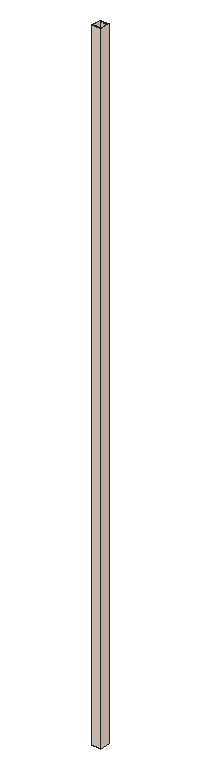
Revit family "sq4045", category 機械設備, Revit 2022
Family settings
  丸型コネクタ寸法 = 直径を使用
  種別 = なし
  パーツ タイプ = 標準
  作業面ベース = いいえ
  常に垂直 = はい
  ロード時にボイドで切り取り = いいえ
  注釈の向きを維持 = いいえ
  共有 = いいえ
  部屋計算ポイント = いいえ
Parameters
  製造元 = "株式会社桐井製作所"
  既定の高さ = 0 mm
  URL = "https://www.kirii.co.jp/"
  K_長さ(mm) [instance] = 3000 mm
  K_材質 = "SGCC　一般用"
  K_断面積A(mm2) = 81.1
  K_断面係数Zy(mm3) = 1027
  K_断面係数Zx(mm3) = 1037
  K_断面2次半径iy(mm) = 16.5
  K_断面2次半径ix(mm) = 17
  K_断面2次モーメントIy(mm4) = 22130
  K_断面2次モーメントIx(mm4) = 23340
  K_外形寸法(mm) = "□40×45"
  K_品名 = "SQ-BAR4045"
  K_名称 = "角型スタッド"
  K_単位質量(kg/m) = 0.659
  K_ヤング係数E(N/mm2) = 205000
  K_バージョン情報 = "20210524"
  K_めっき付着量 = "Z08"
  K_JIS規格 = "JIS G 3302"
Reference planes
  plane 1 "中心(正面/背面)": y = 0
  plane 2: z = 0
  plane 3 "中心(左/右)": x = 0
  plane 4: x = 20
  plane 5: x = -20
  plane 6: y = 22.5
  plane 7: z = 3000
  plane 8: y = -22.5
Forms (mm)
  Extrusion 1, solid
    sketch origin (0.5, -20, 0) x (1, 0, 0) y (0, 1, 0)
      loop
        line (-20.5, 42.5) -> (-20.5, -2.5) -> (19.5, -2.5) -> (19.5, 42.5) -> (-20.5, 42.5)
      loop
        line (-20, 42) -> (-20, -2) -> (19, -2) -> (19, 42) -> (-20, 42)
    from 0 to 3000
Dimensions and locks
  locked: Extrusion 1 sketch curve to Extrusion 1 sketch curve at 0.5  (x4)
  "K_長さ(mm)": plane 7 to level
  aligned and locked: level to plane 2
  aligned and locked: Extrusion 1 sketch curve to plane 6
  aligned and locked: plane 7 to Extrusion 1
  aligned and locked: plane 6 to Extrusion 1
  aligned and locked: Extrusion 1 to plane 8
  aligned and locked: plane 4 to Extrusion 1
  aligned and locked: Extrusion 1 to plane 5
Automatic sketch dimensions
  Extrusion 1 sketch curve to plane 4 = 0.5 mm
  plane 5 to Extrusion 1 sketch curve = 0.5 mm
  plane 1 "中心(正面/背面)" to Extrusion 1 sketch curve = 22 mm
